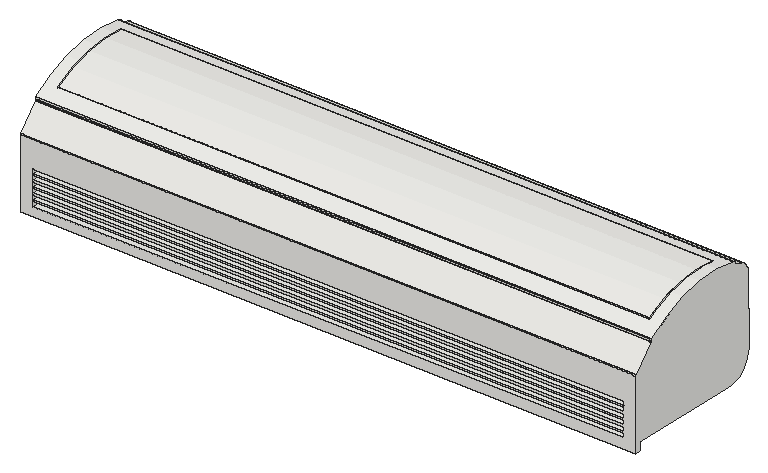
Revit family "FLOWAIR ELiS C-E-100-bílá", category Electrical Fixtures, host Face, Revit 2018
Family settings
  Host = Face
  Maintain Annotation Orientation = No
  Round Connector Dimension = Use Diameter
  Part Type = Normal
  Cut with Voids When Loaded = No
  Shared = No
  Room Calculation Point = No
Parameters (values of type "ELiS C-E-100, 3x400V, 3 rychlost")
  Weight of unit = 14.50 kg
  URL = "www.hydronic.cz"
  Type Comments = "vnitřní instalace, neprašné prostředí; IP21; max dosah 3m na 3 rychlost"
  Second Material = FLOWAIR-PerforatedSteel-White
  Rated current = 9.4 A
  Product code = "14290; bílá, délka 100cm, elektrická"
  Power supply = 400 V
  Power ratio = 1
  Number of phases = 3
  Manufacturer = "Hydronic Systems Prague s.r.o."
  Main Material = FLOWAIR-Steel-White
  Load classification = Other
  Length = 1000.00 mm  # constant formula
  Heating capacity = 6.5 kW
  Fan = "Single phase motor with diagonal rotor"
  Description = "Dveřní clona"
  Model = "ELiS C-E-100"
  IP = "21"
  Default Elevation = 2200.00 mm
  Author = ""
  Apparent power = if(Power supply = 400 V, 230 V * 3 * Rated current, 230 V * Rated current)  # 6486 VA
Types (6, lengths in mm): name | Rated current | Power supply | Number of phases | Heating capacity | Apparent power
  ELiS C-E-100, 3x400V, 1 rychlost | 8.8 A | 400 V | 3 | 6.1 kW | 6072 VA
  ELiS C-E-100, 3x400V, 2 rychlost | 9.1 A | 400 V | 3 | 6.4 kW | 6279 VA
  ELiS C-E-100, 3x400V, 3 rychlost | 9.4 A | 400 V | 3 | 6.5 kW | 6486 VA
  ELiS C-E-100, 1x230V, 1 rychlost | 26.4 A | 230 V | 1 | 6.1 kW | 6072 VA
  ELiS C-E-100, 1x230V, 2 rychlost | 27.3 A | 230 V | 1 | 6.4 kW | 6279 VA
  ELiS C-E-100, 1x230V, 3 rychlost | 28.2 A | 230 V | 1 | 6.5 kW | 6486 VA
Reference planes
  plane 1 "Środek (Przód/Tył)": y = 0
  plane 2: z = 0
  plane 3 "Środek (Lewa/Prawa)": x = 0
Dimensions and locks
  aligned and locked: plane 2 to host face
  aligned and locked: level to host face
  aligned and locked: plane 3 "Środek (Lewa/Prawa)" to nested 1
  aligned and locked: plane 1 "Środek (Przód/Tył)" to nested 1
Nested families
  nested 1: "ELiS C-E" at (0, 0, 0), type "ELiS C-E"
Connectors
  electrical at (0, 235.182, 54.049), driven by "Power supply", driven by "Apparent power", driven by "Power ratio", driven by "Load classification", driven by "Number of phases"
    settings: on nested 1, index 9, voltage 400 V, apparent load 6486 VA, apparent load phase1 0 VA, apparent load phase2 0 VA, apparent load phase3 0 VA, power factor 1, load classification "Other", number of poles 3, system type 30, power factor state 1, is connector primary yes, connector utility no, sub classification motor no, connector description ""
  electrical at (-59, 235.182, 85.024)
    settings: on nested 1, index 10, voltage 0 V, apparent load 0 VA, apparent load phase1 0 VA, apparent load phase2 0 VA, apparent load phase3 0 VA, power factor 1, load classification "Other", number of poles 1, system type 13, power factor state 1, is connector primary no, connector utility no, sub classification motor no, connector description "TS regulator"
  electrical at (59, 235.182, 85.024)
    settings: on nested 1, index 11, voltage 0 V, apparent load 0 VA, apparent load phase1 0 VA, apparent load phase2 0 VA, apparent load phase3 0 VA, power factor 1, load classification "Other", number of poles 1, system type 13, power factor state 1, is connector primary no, connector utility no, sub classification motor no, connector description "Limit switches"
Definition of nested family "ELiS C-E"
  Parameters
    materiał perforacja = none
    materiał = none
    długość = 1000.00 mm
  Reference planes
    plane 1 "Środek (Przód/Tył)": y = 0
    plane 2: z = 0
    plane 3 "Środek (Lewa/Prawa)": x = 0
    plane 4: x = -500
    plane 5: x = 500
    plane 6: x = -480
    plane 7: x = 480
    plane 8: x = 250
    plane 9: x = -250
  Forms (mm)
    Extrusion 1, solid, material <- "materiał", detail levels medium
      sketch origin (0, 300, 0) x (0, 1, 0) y (0, 0, 1)
        loop
          line (-72.756, 170.564) -> (-81.693, 181.358)
          arc (-81.693, 181.358) -> (-82.051, 181.684) -> (-82.482, 181.903) r 1.8
          line (-82.482, 181.903) -> (-98.157, 187.357)
          arc (-98.157, 187.357) -> (-98.505, 187.566) -> (-98.742, 187.895) r 1
          line (-98.742, 187.895) -> (-99.846, 190.375)
          arc (-99.846, 190.375) -> (-100.355, 191.039) -> (-101.109, 191.402) r 1.8
          arc (-101.109, 191.402) -> (-188.803, 190.806) -> (-267.88, 152.892) r 200.8
          arc (-267.88, 152.892) -> (-268.406, 152.22) -> (-268.563, 151.381) r 1.8
          line (-268.563, 151.381) -> (-268.42, 148.651)
          arc (-268.42, 148.651) -> (-268.477, 148.263) -> (-268.678, 147.927) r 1
          line (-268.678, 147.927) -> (-299.538, 113.654)
          arc (-299.538, 113.654) -> (-299.88, 113.094) -> (-300, 112.449) r 1.8
          line (-300, 112.449) -> (-300, 0) -> (-292.2, 0) -> (-292.2, 13.085) -> (-113.282, 13.085)
          arc (-113.282, 13.085) -> (-84.316, 25.083) -> (-72.318, 54.049) r 40.964
          line (-72.318, 54.049) -> (-72.318, 169.336)
          arc (-72.318, 169.336) -> (-72.431, 169.988) -> (-72.756, 170.564) r 1.943
      from -500 to 500
    Extrusion 2, solid, material <- "materiał", detail levels coarse
      sketch origin (0, 0, 0) x (0, 1, 0) y (0, 0, 1)
        loop
          arc (227.682, 182.867) -> (103.817, 188.954) -> (0, 121.12) r 200.8
          line (0, 121.12) -> (0, 0) -> (227.682, 0) -> (227.682, 182.867)
      from -500 to 500
    Extrusion 3, solid, material <- "materiał", detail levels fine
      sketch origin (0, 0, 0) x (0, 1, 0) y (0, 0, 1)
        loop
          line (227.244, 170.564) -> (218.307, 181.358)
          arc (218.307, 181.358) -> (217.949, 181.684) -> (217.518, 181.903) r 1.8
          line (217.518, 181.903) -> (201.843, 187.357)
          arc (201.843, 187.357) -> (201.495, 187.566) -> (201.258, 187.895) r 1
          line (201.258, 187.895) -> (200.154, 190.375)
          arc (200.154, 190.375) -> (199.645, 191.039) -> (198.891, 191.402) r 1.8
          arc (198.891, 191.402) -> (111.197, 190.806) -> (32.12, 152.892) r 200.8
          arc (32.12, 152.892) -> (31.594, 152.22) -> (31.437, 151.381) r 1.8
          line (31.437, 151.381) -> (31.58, 148.651)
          arc (31.58, 148.651) -> (31.523, 148.263) -> (31.322, 147.927) r 1
          line (31.322, 147.927) -> (0.462, 113.654)
          arc (0.462, 113.654) -> (0.12, 113.094) -> (0, 112.449) r 1.8
          line (0, 112.449) -> (0, 0) -> (7.8, 0) -> (7.8, 13.085) -> (186.718, 13.085)
          arc (186.718, 13.085) -> (215.684, 25.083) -> (227.682, 54.049) r 40.964
          line (227.682, 54.049) -> (227.682, 169.336)
          arc (227.682, 169.336) -> (227.569, 169.988) -> (227.244, 170.564) r 1.943
      from -500 to 500
    Extrusion 4, void
      sketch origin (0, 0, 0) x (0, 1, 0) y (0, 0, 1)
        loop
          line (52, 224.939) -> (52, 114.939) -> (180, 114.939) -> (180, 224.939) -> (52, 224.939)
      from -480 to 480
    Extrusion 5, solid, material <- "materiał perforacja", detail levels fine
      sketch origin (0, 0, 0) x (0, 1, 0) y (0, 0, 1)
        loop
          arc (180, 194.56) -> (113.664, 191.359) -> (52, 166.696) r 200.8
          line (52, 166.696) -> (52, 164.35)
          arc (52, 164.35) -> (113.61, 189.3) -> (180, 192.546) r 198.8
          line (180, 192.546) -> (180, 194.56)
      from -480 to 480
    Extrusion 6, void
      sketch origin (0, 0, 0) x (0, 1, 0) y (0, 0, 1)
        loop
          line (0, 15.085) -> (25, 15.085) -> (25, 70.085) -> (0, 70.085) -> (0, 62.585) -> (15, 62.585) -> (15, 60.585) -> (0, 60.585) -> (0, 53.085) -> (15, 53.085) -> (15, 51.085) -> (0, 51.085) -> (0, 43.585) -> (15, 43.585) -> (15, 41.585) -> (0, 41.585) -> (0, 34.085) -> (15, 34.085) -> (15, 32.085) -> (0, 32.085) -> (0, 24.585) -> (15, 24.585) -> (15, 22.585) -> (0, 22.585) -> (0, 15.085)
      from -480 to 480
    Extrusion 7, solid, material <- "materiał"
      sketch origin (0, 0, 0) x (0, 1, 0) y (0, 0, 1)
        loop
          line (10, 0) -> (172, 0) -> (172, 13.085) -> (10, 13.085) -> (10, 0)
      from -250 to 250
    Extrusion 8, solid, material <- "materiał"
      sketch origin (0, 0, 0) x (0, 1, 0) y (0, 0, 1)
        loop
          line (227.682, 54.049) -> (242.682, 54.049) -> (242.682, 116) -> (227.682, 116) -> (227.682, 54.049)
      from -59 to 59
  Cuts and joins
    Extrusion 4, Extrusion 6 cuts Extrusion 3
  Dimensions and locks
    equal spacing: plane 4, plane 3 "Środek (Lewa/Prawa)", plane 5
    "długość": plane 4 to plane 5
    locked: plane 4 to plane 6 at 20
    locked: plane 7 to plane 5 at 20
    equal spacing: plane 4, plane 9, plane 3 "Środek (Lewa/Prawa)"
    equal spacing: plane 3 "Środek (Lewa/Prawa)", plane 8, plane 5
    aligned and locked: level to plane 2
    aligned and locked: Extrusion 2 to plane 4
    aligned and locked: Extrusion 1 to plane 4
    aligned and locked: Extrusion 2 to plane 5
    aligned and locked: Extrusion 1 to plane 5
    aligned and locked: Extrusion 3 to plane 4
    aligned and locked: Extrusion 3 to plane 5
    aligned and locked: Extrusion 4 to plane 6
    aligned and locked: Extrusion 4 to plane 7
    aligned and locked: Extrusion 5 to plane 6
    aligned and locked: Extrusion 5 to plane 7
    aligned and locked: Extrusion 6 to plane 7
    aligned and locked: Extrusion 6 to plane 6
    aligned and locked: plane 8 to Extrusion 7
    aligned and locked: plane 9 to Extrusion 7
  Automatic sketch dimensions
    Extrusion 1 sketch curve to level = 0.00 mm
    Extrusion 1 sketch curve to plane 1 "Środek (Przód/Tył)" = 0.00 mm
    Extrusion 1 sketch curve to Extrusion 1 sketch curve = 1.80 mm
    Extrusion 1 sketch curve to plane 1 "Środek (Przód/Tył)" = 7.80 mm
    Extrusion 1 sketch curve to plane 1 "Środek (Przód/Tył)" = 30.581 mm
    Extrusion 1 sketch curve to Extrusion 1 sketch curve = 0.742 mm
    Extrusion 1 sketch curve to Extrusion 1 sketch curve = 0.856 mm
    Extrusion 1 sketch curve to Extrusion 1 sketch curve = 1.797 mm
    Extrusion 1 sketch curve to plane 1 "Środek (Przód/Tył)" = 156.375 mm
    Extrusion 1 sketch curve to Extrusion 1 sketch curve = 30.343 mm
    Extrusion 1 sketch curve to Extrusion 1 sketch curve = 165.276 mm
    Extrusion 1 sketch curve to Extrusion 1 sketch curve = 3.662 mm
    Extrusion 1 sketch curve to Extrusion 1 sketch curve = 14.754 mm
    Extrusion 1 sketch curve to Extrusion 1 sketch curve = 1.38 mm
    Extrusion 1 sketch curve to Extrusion 1 sketch curve = 8.812 mm
    Extrusion 1 sketch curve to Extrusion 1 sketch curve = 1.505 mm
    Extrusion 1 sketch curve to Extrusion 1 sketch curve = 40.964 mm
    Extrusion 1 sketch curve to Extrusion 1 sketch curve = 13.085 mm
    Extrusion 1 sketch curve to Extrusion 1 sketch curve = 58.894 mm
    Extrusion 1 sketch curve to Extrusion 1 sketch curve = 117.295 mm
    Extrusion 1 sketch curve to Extrusion 1 sketch curve = 35.478 mm
    Extrusion 1 sketch curve to Extrusion 1 sketch curve = 0.671 mm
    Extrusion 1 sketch curve to Extrusion 1 sketch curve = 2.783 mm
    Extrusion 1 sketch curve to Extrusion 1 sketch curve = 0.097 mm
    Extrusion 1 sketch curve to Extrusion 1 sketch curve = 174.181 mm
    Extrusion 1 sketch curve to Extrusion 1 sketch curve = 10.867 mm
    Extrusion 1 sketch curve to Extrusion 1 sketch curve = 1.155 mm
    Extrusion 1 sketch curve to Extrusion 1 sketch curve = 8.099 mm
    Extrusion 1 sketch curve to Extrusion 1 sketch curve = 1.341 mm
    Extrusion 1 sketch curve to plane 1 "Środek (Przód/Tył)" = 0.462 mm
    Extrusion 1 sketch curve to Extrusion 1 sketch curve = 0.00 mm  (x14)
    Extrusion 1 sketch curve to Extrusion 1 sketch curve = 0.257 mm
    Extrusion 1 sketch curve to Extrusion 1 sketch curve = 1.263 mm
    Extrusion 1 sketch curve to Extrusion 1 sketch curve = 0.914 mm
    Extrusion 1 sketch curve to Extrusion 1 sketch curve = 0.585 mm
    Extrusion 1 sketch curve to Extrusion 1 sketch curve = 0.789 mm
    Extrusion 1 sketch curve to Extrusion 1 sketch curve = 0.944 mm
    Extrusion 2 sketch curve to level = 0.00 mm
    Extrusion 2 sketch curve to Extrusion 2 sketch curve = 71.306 mm
    Extrusion 2 sketch curve to Extrusion 2 sketch curve = 4.846 mm
    Extrusion 2 sketch curve to plane 1 "Środek (Przód/Tył)" = 0.00 mm
    Extrusion 2 sketch curve to Extrusion 2 sketch curve = 125.966 mm
    Extrusion 2 sketch curve to plane 1 "Środek (Przód/Tył)" = 156.375 mm
    plane 1 "Środek (Przód/Tył)" to Extrusion 3 sketch curve = 0.00 mm
    Extrusion 3 sketch curve to Extrusion 3 sketch curve = 1.80 mm
    Extrusion 3 sketch curve to Extrusion 3 sketch curve = 7.80 mm
    Extrusion 3 sketch curve to Extrusion 3 sketch curve = 28.781 mm
    Extrusion 3 sketch curve to Extrusion 3 sketch curve = 0.742 mm
    Extrusion 3 sketch curve to Extrusion 3 sketch curve = 0.856 mm
    Extrusion 3 sketch curve to Extrusion 3 sketch curve = 1.797 mm
    Extrusion 3 sketch curve to Extrusion 3 sketch curve = 148.575 mm
    Extrusion 3 sketch curve to Extrusion 3 sketch curve = 30.343 mm
    Extrusion 3 sketch curve to Extrusion 3 sketch curve = 165.276 mm
    Extrusion 3 sketch curve to Extrusion 3 sketch curve = 3.662 mm
    Extrusion 3 sketch curve to Extrusion 3 sketch curve = 14.754 mm
    Extrusion 3 sketch curve to Extrusion 3 sketch curve = 1.38 mm
    Extrusion 3 sketch curve to Extrusion 3 sketch curve = 8.812 mm
    Extrusion 3 sketch curve to Extrusion 3 sketch curve = 1.505 mm
    Extrusion 3 sketch curve to Extrusion 3 sketch curve = 40.964 mm
    level to Extrusion 3 sketch curve = 0.00 mm
    Extrusion 3 sketch curve to Extrusion 3 sketch curve = 13.085 mm
    Extrusion 3 sketch curve to Extrusion 3 sketch curve = 58.894 mm
    Extrusion 3 sketch curve to Extrusion 3 sketch curve = 117.295 mm
    Extrusion 3 sketch curve to Extrusion 3 sketch curve = 35.478 mm
    Extrusion 3 sketch curve to Extrusion 3 sketch curve = 0.671 mm
    Extrusion 3 sketch curve to Extrusion 3 sketch curve = 2.783 mm
    Extrusion 3 sketch curve to Extrusion 3 sketch curve = 0.097 mm
    Extrusion 3 sketch curve to Extrusion 3 sketch curve = 174.181 mm
    Extrusion 3 sketch curve to Extrusion 3 sketch curve = 10.867 mm
    Extrusion 3 sketch curve to Extrusion 3 sketch curve = 1.155 mm
    Extrusion 3 sketch curve to Extrusion 3 sketch curve = 8.099 mm
    Extrusion 3 sketch curve to Extrusion 3 sketch curve = 1.341 mm
    Extrusion 3 sketch curve to Extrusion 3 sketch curve = 0.462 mm
    Extrusion 3 sketch curve to Extrusion 3 sketch curve = 0.00 mm  (x14)
    Extrusion 3 sketch curve to Extrusion 3 sketch curve = 0.257 mm
    Extrusion 3 sketch curve to Extrusion 3 sketch curve = 1.263 mm
    Extrusion 3 sketch curve to Extrusion 3 sketch curve = 0.914 mm
    Extrusion 3 sketch curve to Extrusion 3 sketch curve = 0.585 mm
    Extrusion 3 sketch curve to Extrusion 3 sketch curve = 0.789 mm
    Extrusion 3 sketch curve to Extrusion 3 sketch curve = 0.944 mm
    Extrusion 4 sketch curve to Extrusion 4 sketch curve = 128.00 mm
    level to Extrusion 4 sketch curve = 114.939 mm
    Extrusion 4 sketch curve to Extrusion 4 sketch curve = 110.00 mm
    Extrusion 4 sketch curve to plane 1 "Środek (Przód/Tył)" = 52.00 mm
    Extrusion 5 sketch curve to plane 1 "Środek (Przód/Tył)" = 156.375 mm
    Extrusion 5 sketch curve to level = 4.846 mm
    Extrusion 5 sketch curve to plane 1 "Środek (Przód/Tył)" = 52.00 mm
    Extrusion 5 sketch curve to Extrusion 5 sketch curve = 23.625 mm
    Extrusion 5 sketch curve to Extrusion 5 sketch curve = 25.85 mm
    Extrusion 5 sketch curve to Extrusion 5 sketch curve = 2.346 mm
    Extrusion 5 sketch curve to Extrusion 5 sketch curve = 0.00 mm  (x2)
    Extrusion 7 sketch curve to level = 0.00 mm
    Extrusion 7 sketch curve to plane 1 "Środek (Przód/Tył)" = 10.00 mm
    Extrusion 7 sketch curve to Extrusion 7 sketch curve = 162.00 mm
    level to Extrusion 7 sketch curve = 13.085 mm
    Extrusion 8 sketch curve to plane 1 "Środek (Przód/Tył)" = 227.682 mm
    level to Extrusion 8 sketch curve = 116.00 mm
    level to Extrusion 8 sketch curve = 54.049 mm
    Extrusion 8 sketch curve to Extrusion 8 sketch curve = 15.00 mm
    Extrusion 6 sketch curve to plane 1 "Środek (Przód/Tył)" = 0.00 mm  (x6)
    Extrusion 6 sketch curve to Extrusion 6 sketch curve = 15.00 mm
    Extrusion 6 sketch curve to Extrusion 6 sketch curve = 0.00 mm  (x4)
    Extrusion 6 sketch curve to Extrusion 6 sketch curve = 10.00 mm
    level to Extrusion 6 sketch curve = 15.085 mm
    Extrusion 6 sketch curve to Extrusion 6 sketch curve = 7.50 mm  (x6)
    Extrusion 6 sketch curve to Extrusion 6 sketch curve = 2.00 mm  (x5)
